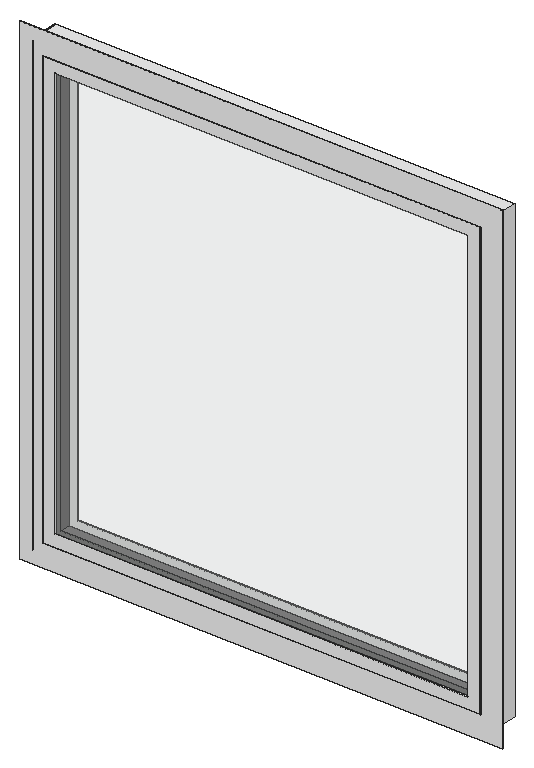
Revit family "Casement_28_F_Side_Hung_Custom", category Windows, host Wall, Revit 2014
Parameters (values of type "Casement_Sash_DG")
  Width Sash [instance] = 30 mm
  Width Sash Inner = 15 mm
  Width Bead = 15 mm
  Top Hung [instance] = yes
  Side Hung Right [instance] = yes
  Side Hung Left [instance] = yes
  Sash Opening Width [instance] = 600 mm
  Sash Opening Height [instance] = 600.312 mm
  Sash Lip = 15 mm
  Glazing Material [instance] = Glass
  DG Start Piece 2 [instance] = DG End Piece 1 + DG Gasket Thickness  # 25 mm
  DG Start Peice 1 [instance] = (Depth Sash - (2 * DG Glazing Thickness) - DG Gasket Thickness) / 2  # 6.6 mm
  Glazing Offset = 5 mm
  DG Glazing Thickness [instance] = 6.4 mm
  DG Gasket Thickness = 12 mm  # constant formula
  DG Gasket Material [instance] = Double Glazing Gasket Material
  DG End Piece 2 [instance] = DG Start Piece 2 + DG Glazing Thickness  # 31.4 mm
  DG End Piece 1 [instance] = DG Start Peice 1 + DG Glazing Thickness  # 13 mm
  Depth Sash [instance] = 38 mm
  Center Vertical Sash [instance] = Sash Opening Height / 2  # 300.156 mm
  Center Horizontal Sash [instance] = Sash Opening Width / 2  # 300 mm
  Bottom Hung [instance] = yes
  Bead Offset = 15 mm
  Aluminium Thickness = 1 mm
  Aluminium Material [instance] = White Powder Coated Aluminium
Reference planes
  plane 1 "Center (Front/Back)": y = 0
  plane 2: z = 0
  plane 3 "Center (Left/Right)": x = 0
Forms (mm)
  Sweep 1, solid, material "White Powder Coated Aluminium" <- "Aluminium Material"
    path origin (16.177, 0, 121.331) x (1, 0, 0) y (0, 0, 1)
      loop
        line (0, 0) -> (600, 0) -> (600, 600.312) -> (0, 600.312) -> (0, 0)
    profile origin (316.177, 0, 121.331) x (0, 0, 1) y (0, -1, 0)
      loop
        line (0, 0) -> (30, 0) -> (30, 1) -> (15, 1) -> (15, 38) -> (-15, 38) -> (-15, 37) -> (0, 37) -> (0, 0)
      loop
        line (14, 1) -> (14, 37) -> (1, 37) -> (1, 1) -> (14, 1)
  Sweep 2, solid, material "White Powder Coated Aluminium" <- "Aluminium Material"
    path origin (0, 0, 0) x (1, 0, 0) y (0, 0, 1)
      loop
        line (31.177, 706.643) -> (31.177, 136.331) -> (601.177, 136.331) -> (601.177, 706.643) -> (31.177, 706.643)
    profile origin (316.177, 0, 706.643) x (0, 0, 1) y (0, -1, 0)
      loop
        line (0, 37) -> (0, 38) -> (-15, 38) -> (-15, 37) -> (0, 37)
  Extrusion 3, solid, material "Glass" <- "Glazing Material"
    sketch origin (0, 0, 0) x (1, 0, 0) y (0, 0, 1)
      loop
        line (36.177, 701.643) -> (36.177, 141.331) -> (596.177, 141.331) -> (596.177, 701.643) -> (36.177, 701.643)
    from 6.6 <- "DG Start Peice 1" to 13 <- "DG End Piece 1"
  Extrusion 4, solid, material "Glass" <- "Glazing Material"
    sketch origin (0, 0, 0) x (1, 0, 0) y (0, 0, 1)
      loop
        line (36.177, 701.643) -> (36.177, 141.331) -> (596.177, 141.331) -> (596.177, 701.643) -> (36.177, 701.643)
    from 31.4 <- "DG End Piece 2" to 25 <- "DG Start Piece 2"
  Sweep 5, solid, material "Double Glazing Gasket Material" <- "DG Gasket Material"
    path origin (0, -13, 0) x (1, 0, 0) y (0, 0, 1)
      loop
        line (36.177, 701.643) -> (36.177, 141.331) -> (596.177, 141.331) -> (596.177, 701.643) -> (36.177, 701.643)
    profile origin (316.177, -13, 701.643) x (0, 0, 1) y (0, -1, 0)
      loop
        line (0, 0) -> (0, 12) -> (-7.96, 12) -> (-7.96, 0) -> (0, 0)
Lines and regions (mm)
  model lines
    curve 1: line (1.177, -38, 736.643) -> (31.177, -38, 706.643)
    curve 2: line (601.177, -38, 706.643) -> (631.177, -38, 736.643)
    curve 3: line (601.177, -38, 136.331) -> (631.177, -38, 106.331)
    curve 4: line (1.177, -38, 106.331) -> (31.177, -38, 136.331)
    curve 5: line (631.177, -37, 736.643) -> (616.177, -37, 721.643)
    curve 6: line (1.177, -37, 736.643) -> (16.177, -37, 721.643)
    curve 7: line (1.177, -37, 106.331) -> (16.177, -37, 121.331)
    curve 8: line (631.177, -37, 106.331) -> (616.177, -37, 121.331)
    curve 9: line (616.177, 0, 121.331) -> (586.177, 0, 151.331)
    curve 10: line (46.177, 0, 151.331) -> (16.177, 0, 121.331)
    curve 11: line (616.177, 0, 721.643) -> (586.177, 0, 691.643)
    curve 12: line (46.177, 0, 691.643) -> (16.177, 0, 721.643)
    curve 13: line (31.177, -38, 691.643) -> (46.177, -38, 691.643)
    curve 14: line (586.177, -38, 691.643) -> (601.177, -38, 691.643)
    curve 15: line (586.177, -38, 151.331) -> (601.177, -38, 151.331)
    curve 16: line (31.177, -38, 151.331) -> (46.177, -38, 151.331)
  model lines, style "GenericModelHiddenLines", visible <- "Top Hung"
    curve 17: line (46.386, -31.4, 690.914) -> (316.177, -31.4, 151.331)
    curve 18: line (316.177, -31.4, 151.331) -> (586.177, -31.4, 691.331)
  model lines, style "GenericModelHiddenLines", visible <- "Bottom Hung"
    curve 19: line (46.177, -31.4, 151.331) -> (316.177, -31.4, 691.331)
    curve 20: line (316.177, -31.4, 691.331) -> (586.177, -31.4, 151.331)
  model lines, style "GenericModelHiddenLines", visible <- "Side Hung Left"
    curve 21: line (46.386, -31.4, 690.914) -> (585.24, -31.4, 421.487)
    curve 22: line (585.24, -31.4, 421.487) -> (46.177, -31.4, 151.331)
  model lines, style "GenericModelHiddenLines", visible <- "Side Hung Right"
    curve 23: line (586.177, -31.4, 691.331) -> (46.177, -31.4, 421.487)
    curve 24: line (46.177, -31.4, 421.487) -> (586.177, -31.4, 151.331)
Dimensions and locks
  "Aluminium Thickness": Sweep 1 sketch curve to Sweep 1 sketch curve  (x4)
  "Depth Sash": Sweep 1 sketch curve to Sweep 1 sketch curve
  "Sash Opening Width": Sweep 1 to Sweep 1
  "Sash Opening Height": Sweep 1 to Sweep 1
  "Width Sash": Sweep 1 sketch curve to Sweep 1 sketch curve  (x2)
  "Width Sash Inner": Sweep 1 sketch curve to Sweep 1 sketch curve
  "Sash Lip": Sweep 1 sketch curve to Sweep 1 sketch curve
  "Aluminium Thickness": Sweep 1 to Sweep 2 sketch curve
  "Glazing Offset": Sweep 2 to Extrusion 3 sketch curve  (x3)
  "Glazing Offset": Extrusion 3 sketch curve to Sweep 2
  Sweep 1 to Sweep 1 = 1 mm
  "Aluminium Thickness": Sweep 2 sketch curve to Sweep 2 sketch curve
  "Width Bead": Sweep 2 sketch curve to Sweep 2 sketch curve
  locked: Sweep 5 sketch curve to Sweep 5 sketch curve at 7.96
  "Center Horizontal Sash": Sweep 1 to curve 18
  "Center Horizontal Sash": Sweep 1 to curve 20
  "Center Vertical Sash": Sweep 1 to curve 22
  "Center Vertical Sash": Sweep 1 to curve 24
  aligned and locked: level to plane 2
  aligned and locked: Sweep 1 sketch curve to Sweep 1 sketch curve  (x2)
  aligned and locked: Sweep 2 sketch curve to Sweep 1  (x5)
  aligned and locked: Extrusion 4 sketch curve to Extrusion 3  (x4)
  aligned and locked: Sweep 5 sketch curve to Extrusion 3  (x5)
  aligned and locked: Extrusion 3 to Sweep 5 sketch curve
Automatic sketch dimensions
  plane 3 "Center (Left/Right)" to Sweep 1 sketch curve = 16.177 mm
  level to Sweep 1 sketch curve = 121.331 mm
  plane 3 "Center (Left/Right)" to Sweep 1 sketch curve = 616.177 mm
  level to Sweep 1 sketch curve = 721.643 mm
  profile plane to Sweep 5 sketch curve = 12 mm
  curve 7 to Sweep 1 = 0 mm  (x4)
  curve 6 to Sweep 1 = 0 mm  (x3)
  Sweep 1 to curve 6 = 0 mm
  curve 5 to Sweep 1 = 0 mm  (x3)
  curve 8 to Sweep 1 = 0 mm  (x4)
  Sweep 1 to curve 5 = 0 mm
  curve 16 to Sweep 2 = 0 mm  (x3)
  curve 13 to Sweep 2 = 0 mm  (x3)
  curve 15 to Sweep 2 = 0 mm
  Sweep 2 to curve 15 = 0 mm  (x2)
  curve 14 to Sweep 2 = 0 mm  (x2)
  Sweep 2 to curve 14 = 0 mm
  curve 1 to Sweep 1 = 0 mm  (x4)
  curve 4 to Sweep 1 = 0 mm  (x3)
  Sweep 1 to curve 4 = 0 mm
  curve 3 to Sweep 1 = 0 mm  (x3)
  curve 2 to Sweep 1 = 0 mm  (x4)
  Sweep 1 to curve 3 = 0 mm
  curve 10 to Sweep 1 = 0 mm  (x4)
  curve 12 to Sweep 1 = 0 mm  (x3)
  Sweep 1 to curve 12 = 0 mm
  curve 9 to Sweep 1 = 0 mm  (x4)
  curve 11 to Sweep 1 = 0 mm  (x3)
  Sweep 1 to curve 11 = 0 mm
  Sweep 1 sketch curve to plane 1 "Center (Front/Back)" = 0 mm
  profile plane to Sweep 1 sketch curve = 0 mm
  curve 21 to Extrusion 4 = 10.208 mm
  curve 19 to Extrusion 4 = 10 mm
  curve 23 to Extrusion 4 = 10 mm  (x2)
  curve 22 to Extrusion 4 = 10.937 mm
  curve 20 to Extrusion 4 = 10 mm
  curve 24 to Extrusion 4 = 10 mm
  curve 22 to Extrusion 4 = 10 mm
  curve 18 to Extrusion 4 = 10 mm
  curve 21 to Extrusion 4 = 10.729 mm
  curve 19 to Extrusion 4 = 10.312 mm
  curve 18 to Extrusion 4 = 10.312 mm
